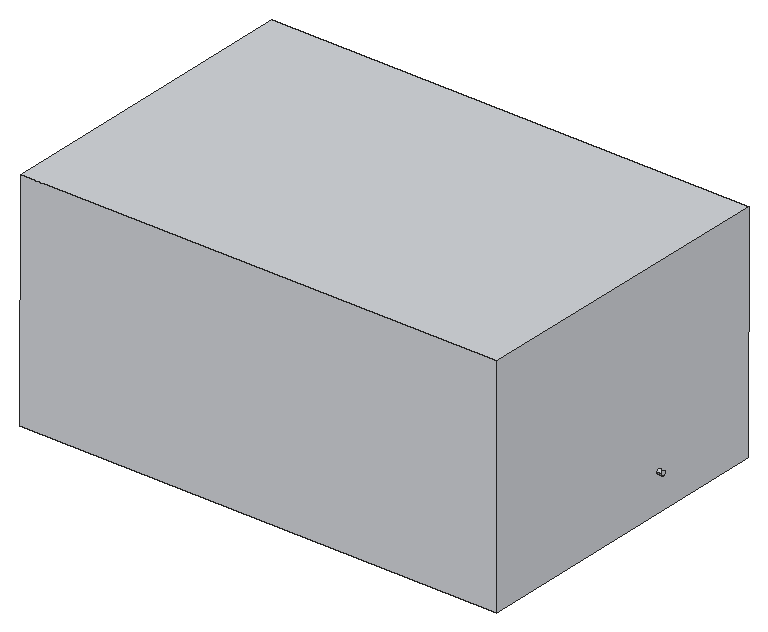
Revit family "04dfb5adace54f9ca0c4ffe88cf9ef1b", category Mechanical Equipment, Revit 2021
Family settings
  Round Connector Dimension = Use Radius
  Part Type = Normal
  OmniClass Number = 23.75.10.24.21.27.14
  OmniClass Title = Packaged Rooftop Air Conditioning Units
  Seek Item ID = Rooftop AC Unit - 3-12.5 Tons - Bottom Connection-0000-USA-ENU
  Work Plane-Based = No
  Always vertical = Yes
  Cut with Voids When Loaded = No
  Shared = No
  Room Calculation Point = No
Parameters (values of type "7.5 Ton")
  Voltage [instance] = 460 V  # constant formula
  SupplyX = 1' - 2"
  UnitWidth = 7' - 3 3/8"
  UnitHeight = 3' - 5 5/16"
  UnitDepth = 4' - 9 3/4"
  SupplyYOffset = 0' - 5 7/16"
  SupplyXOffset = 0' - 3 1/8"
  ReturnYOffset = 0' - 5 1/2"
  ReturnXOffset = 0' - 3 1/8"
  Supply/Return Symbols [instance] = yes
  PartShape = "Rectangular Duct"
  Number of Poles [instance] = 3
  Min Flow = 2250
  Max Flow = 3750
  SupplyY = 2' - 5"
  ReturnX = 2' - 10"
  ReturnY = 1' - 1"
  Model = ""
  Load Classification = Cooling
  External Static Pressure [instance] = 0.40 in-wg
  Drain Radius = 3/8"
  Drain Offset 1 = 3' - 1"
  Drain Flow [instance] = 0 GPM
  Default Elevation = 0' - 0"
  ConnectionOffset = 0' - 1"
  Assembly Code = ""
  Apparent Load [instance] = 7700 VA
  AirFlow - Supply [instance] = 3000 CFM
  AirFlow - Return [instance] = 3000 CFM
Types (8): name | SupplyX | UnitWidth | UnitHeight | UnitDepth | SupplyXOffset | ReturnYOffset | ReturnXOffset | Min Flow | Max Flow | SupplyY | ReturnX | ReturnY | External Static Pressure | Drain Offset 1 | Apparent Load | AirFlow - Supply | AirFlow - Return
  4 Ton | 1' - 1" | 6' - 1 11/16" | 2' - 9 5/16" | 3' - 9" | 0' - 3 3/16" | 0' - 5 11/16" | 0' - 3 3/16" | 1200 | 2000 | 1' - 6" | 2' - 2" | 0' - 11" | 0.64 in-wg | 2' - 1 15/16" | 5000 VA | 1600 CFM | 1600 CFM
  3 Ton | 1' - 1" | 6' - 1 11/16" | 2' - 9 5/16" | 3' - 9" | 0' - 3 3/16" | 0' - 5 11/16" | 0' - 3 3/16" | 900 | 1500 | 1' - 6" | 2' - 2" | 0' - 11" | 0.51 in-wg | 2' - 1 15/16" | 3000 VA | 1200 CFM | 1200 CFM
  7.5 Ton | 1' - 2" | 7' - 3 3/8" | 3' - 5 5/16" | 4' - 9 3/4" | 0' - 3 1/8" | 0' - 5 1/2" | 0' - 3 1/8" | 2250 | 3750 | 2' - 5" | 2' - 10" | 1' - 1" | 0.40 in-wg | 3' - 1" | 7700 VA | 3000 CFM | 3000 CFM
  8.5 Ton | 1' - 2" | 7' - 3 3/8" | 3' - 5 5/16" | 4' - 9 3/4" | 0' - 3 1/8" | 0' - 5 1/2" | 0' - 3 1/8" | 2550 | 4250 | 2' - 5" | 2' - 10" | 1' - 1" | 0.20 in-wg | 3' - 1" | 9100 VA | 3400 CFM | 3400 CFM
  10 Ton | 1' - 2" | 7' - 3 3/8" | 4' - 1 5/16" | 4' - 9 3/4" | 0' - 3 1/8" | 0' - 5 1/2" | 0' - 3 1/8" | 3000 | 5000 | 2' - 5" | 3' - 1" | 1' - 1" | 0.20 in-wg | 3' - 1" | 9200 VA | 4000 CFM | 4000 CFM
  12.5 Ton | 1' - 2" | 7' - 3 3/8" | 4' - 1 5/16" | 4' - 9 3/4" | 0' - 3 1/8" | 0' - 5 1/2" | 0' - 3 1/8" | 3750 | 6250 | 2' - 5" | 3' - 1" | 1' - 1" | 0.20 in-wg | 3' - 1" | 11100 VA | 5000 CFM | 5000 CFM
  5 Ton | 1' - 1" | 6' - 1 11/16" | 2' - 9 5/16" | 3' - 9" | 0' - 3 3/16" | 0' - 5 11/16" | 0' - 3 3/16" | 1500 | 2500 | 1' - 6" | 2' - 2" | 0' - 11" | 0.42 in-wg | 2' - 1 15/16" | 5200 VA | 2000 CFM | 2000 CFM
  6 Ton | 1' - 1" | 6' - 1 11/16" | 3' - 5 5/16" | 3' - 9" | 0' - 3 3/16" | 0' - 5 11/16" | 0' - 3 3/16" | 1800 | 3000 | 1' - 6" | 2' - 2" | 0' - 11" | 0.20 in-wg | 2' - 1 15/16" | 6000 VA | 2400 CFM | 2400 CFM
Reference planes (in)
  plane 1 "Center (Front/Back)": y = 0
  plane 2: z = 0
  plane 3 "Center (Left/Right)": x = 0
  plane 4 "Bottom Connection": z = 1
  plane 5 "Side Connection": x = -1
  plane 6: z = 7
  plane 7: y = 37
  plane 8: x = 1
Forms (in)
  Extrusion 1, solid
    sketch origin (0, 0, 10.81641) x (0, -1, 0) y (1, 0, 0)
      loop
        line (0, 0) -> (-57.75, 0) -> (-57.75, -87.375) -> (0, -87.375) -> (0, 0)
    from -10.81641 to 30.49609
  Extrusion 2, void
    sketch origin (0, 0, 10.81641) x (0, -1, 0) y (1, 0, 0)
      loop
        line (-5.4375, -3.125) -> (-34.4375, -3.125) -> (-34.4375, -17.125) -> (-5.4375, -17.125) -> (-5.4375, -3.125)
    from -10.81641 to -9.81641
  Extrusion 3, void
    sketch origin (0, 0, 10.81641) x (0, -1, 0) y (1, 0, 0)
      loop
        line (-52.25, -37.125) -> (-39.25, -37.125) -> (-39.25, -3.125) -> (-52.25, -3.125) -> (-52.25, -37.125)
    from -10.81641 to -9.81641
  Extrusion 4, solid
    sketch origin (0, 0, 0) x (0, 1, 0) y (0, 0, 1)
      loop
        circle (37, 7) r 0.375
    from 0 to 1
Cuts and joins
  Extrusion 2, Extrusion 3 cuts Extrusion 1
Lines and regions (in)
  symbolic lines, visible <- "Supply/Return Symbols"
    curve 1: line (-37.125, 52.25, 1) -> (-37.125, 39.25, 1)
    curve 2: line (-3.125, 52.25, 1) -> (-37.125, 52.25, 1)
    curve 3: line (-3.125, 39.25, 1) -> (-3.125, 52.25, 1)
    curve 4: line (-37.125, 39.25, 1) -> (-3.125, 39.25, 1)
    curve 5: line (-3.125, 52.25, 1) -> (-37.125, 39.25, 1)
    curve 6: line (-3.125, 34.4375, 1) -> (-17.125, 34.4375, 1)
    curve 7: line (-3.125, 5.4375, 1) -> (-3.125, 34.4375, 1)
    curve 8: line (-17.125, 5.4375, 1) -> (-3.125, 5.4375, 1)
    curve 9: line (-17.125, 34.4375, 1) -> (-17.125, 5.4375, 1)
    curve 10: line (-3.125, 34.4375, 1) -> (-17.125, 5.4375, 1)
    curve 11: line (-3.125, 5.4375, 1) -> (-17.125, 34.4375, 1)
Dimensions and locks (in)
  "UnitWidth": Extrusion 1 sketch curve to plane 3 "Center (Left/Right)"
  "UnitDepth": plane 1 "Center (Front/Back)" to Extrusion 1 sketch curve
  "SupplyYOffset": cut or joined group of Extrusion 1, Extrusion 2, Extrusion 3 to Extrusion 2 sketch curve
  "SupplyY": Extrusion 2 sketch curve to Extrusion 2 sketch curve
  "SupplyXOffset": Extrusion 2 sketch curve to plane 3 "Center (Left/Right)"
  "SupplyX": Extrusion 2 sketch curve to Extrusion 2 sketch curve
  "ConnectionOffset": Extrusion 2 to plane 2
  "ReturnXOffset": Extrusion 3 sketch curve to plane 3 "Center (Left/Right)"
  "ReturnX": Extrusion 3 sketch curve to Extrusion 3 sketch curve
  "ReturnYOffset": cut or joined group of Extrusion 1, Extrusion 2, Extrusion 3 to Extrusion 3 sketch curve
  "ReturnY": Extrusion 3 sketch curve to Extrusion 3 sketch curve
  "ConnectionOffset": Extrusion 3 to Extrusion 2
  "UnitHeight": cut or joined group of Extrusion 1, Extrusion 2, Extrusion 3 to cut or joined group of Extrusion 1, Extrusion 2, Extrusion 3
  "ConnectionOffset": plane 4 "Bottom Connection" to level
  "ConnectionOffset": plane 3 "Center (Left/Right)" to plane 5 "Side Connection"
  "Drain Offset 1": plane 1 "Center (Front/Back)" to plane 7
  locked: plane 6 to plane 2 at 7
  locked: plane 8 to plane 3 "Center (Left/Right)" at 1
  "Drain Radius": radius of Extrusion 4 sketch curve
  aligned and locked: plane 3 "Center (Left/Right)" to Extrusion 1 sketch curve
  aligned and locked: plane 1 "Center (Front/Back)" to Extrusion 1 sketch curve
  aligned and locked: Extrusion 1 to level
  aligned and locked: Extrusion 2 to level
  aligned and locked: Extrusion 3 to level
  aligned and locked: curve 1 to cut or joined group of Extrusion 1, Extrusion 2, Extrusion 3
  aligned and locked: curve 2 to cut or joined group of Extrusion 1, Extrusion 2, Extrusion 3
  aligned and locked: curve 3 to cut or joined group of Extrusion 1, Extrusion 2, Extrusion 3
  aligned and locked: curve 4 to cut or joined group of Extrusion 1, Extrusion 2, Extrusion 3
  aligned and locked: curve 6 to cut or joined group of Extrusion 1, Extrusion 2, Extrusion 3
  aligned and locked: curve 7 to cut or joined group of Extrusion 1, Extrusion 2, Extrusion 3
  aligned and locked: curve 8 to cut or joined group of Extrusion 1, Extrusion 2, Extrusion 3
  aligned and locked: curve 9 to cut or joined group of Extrusion 1, Extrusion 2, Extrusion 3
  aligned and locked: plane 7 to Extrusion 4 sketch curve
  aligned and locked: plane 6 to Extrusion 4 sketch curve
  aligned and locked: Extrusion 4 to plane 3 "Center (Left/Right)"
  aligned and locked: Extrusion 4 to plane 8
Connectors (in)
  hvac at (-10.125, 19.9375, 1), driven by "SupplyY", driven by "SupplyX", driven by "AirFlow - Supply"
    settings: on cut or joined group of Extrusion 1, Extrusion 2, Extrusion 3, index 0, duct flow 3000 CFM, flow factor 0, pres drop 0.00 in-wg, loss coef 0, conn angle 0.00°, conn width 14", conn height 29", conn diameter 24", duct sys type 1, conn prof type 1, flow config 0, flow direction 2, loss method 0, conn ref index 1, conn util no, is conn primary yes, conn desc ""
  hvac at (-20.125, 45.75, 1), driven by "ReturnY", driven by "ReturnX", driven by "AirFlow - Return"
    settings: on cut or joined group of Extrusion 1, Extrusion 2, Extrusion 3, index 1, duct flow 3000 CFM, flow factor 0, pres drop 0.00 in-wg, loss coef 0, conn angle 0.00°, conn width 34", conn height 13", conn diameter 24", duct sys type 2, conn prof type 1, flow config 0, flow direction 1, loss method 0, conn ref index 0, conn util no, is conn primary no, conn desc ""
  electrical at (-87.375, 28.875, 20.65625), driven by "Number of Poles", driven by "Apparent Load", driven by "Voltage", driven by "Load Classification"
    settings: on cut or joined group of Extrusion 1, Extrusion 2, Extrusion 3, index 2, voltage 460 V, apparent load 7700 VA, apparent load phase1 0 VA, apparent load phase2 0 VA, apparent load phase3 0 VA, power factor 0.8, load classification "Cooling", number of poles 3, system type 30, power factor state 1, is connector primary yes, connector utility no, sub classification motor no, connector description ""
  piping at (1, 37, 7), diameter 0.75, driven by "Drain Flow", driven by "Drain Radius"
    settings: on Extrusion 4, index 3, connector inside diameter 3/4", connector length 0' - 0", flow factor 0, pipe flow 0 GPM, pressure drop 0.00 psi, fitting loss kfactor 0, connector angle 0.00°, fixture units 0, engagement length 0' - 0", angle of deflection 0.00°, flow configuration 1, flow direction 2, fitting loss method 0, system type 16, joint type 0, gender type 0, connector reference index -1, connector utility 0, adjustable connector yes, is connector primary yes, connector description ""
